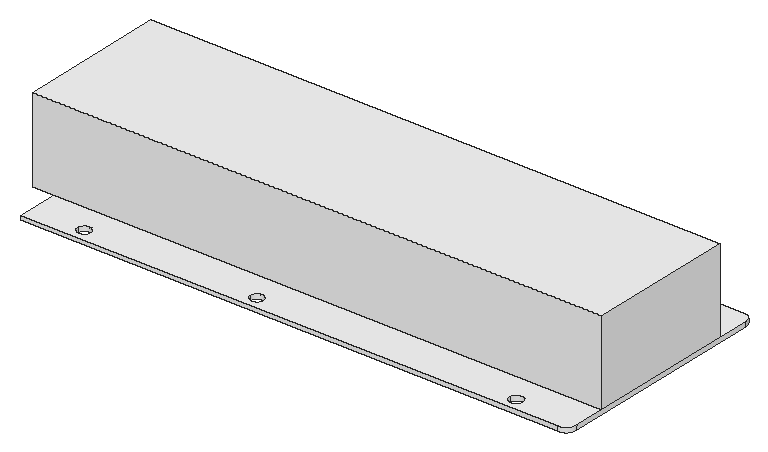
Revit family "KingswayGroup_CntrlldDrClsrs_ConcealedDoubleActionTransomCloser", category Specialty Equipment, Revit 2020
Family settings
  Round Connector Dimension = Use Diameter
  Part Type = Normal
  Work Plane-Based = No
  Always vertical = No
  Cut with Voids When Loaded = No
  Shared = No
  Room Calculation Point = No
Parameters
  WarrantyStartDate [instance] = "1900-12-31T23:59:59"
  WarrantyGuarantorParts = "sales@kingswaygroup.co.uk"
  WarrantyGuarantorLabor = "n/a"
  WarrantyDurationUnit = "year"
  WarrantyDurationParts = "5"
  WarrantyDurationLabor = "n/a"
  WarrantyDescription = "5-Year Guarantee *For faulty manufacture and not for damage"
  Version = "1"
  Uniclass2015Version = "Products v1.36"
  Uniclass2015Title = "Controlled door closers"
  Uniclass2015Code = "Pr_30_36_59_15"
  URL = "https://kingswaygroupglobal.com/"
  TagNumber [instance] = "n/a"
  SustainabilityPerformance = "n/a"
  Size = "270 x 42 x 110 mm"
  Shape = "n/a"
  SerialNumber [instance] = "n/a"
  Revision = "n/a"
  ReplacementCost = "n/a"
  ProductInformation = "https://kingswaygroupglobal.com/product/double-action-transom-closer?noredirect=true"
  NominalWidth = 110 mm  # constant formula
  NominalLength = 270 mm  # constant formula
  NominalHeight = 42 mm  # constant formula
  Name = "ControlledDoorClosers_ConcealedDouble-ActionTransomCloser_KG35_KingswayGroup"
  ModelReference = "Concealed Double-Action Transom Closer"
  ModelNumber = "KG35"
  PlateMaterial = NBS_Concept
  Model = ModelNumber  # "KG35"
  Material = "Stainless Steel"
  ManufacturerURL = "https://kingswaygroupglobal.com/"
  ManufacturerName = "Kingsway Group"  # constant formula
  Manufacturer = ManufacturerName  # "Kingsway Group"
  InstallationDate [instance] = "1900-12-31T23:59:59"
  IfcExportType = "USERDEFINED"  # constant formula
  IfcExportAs = "IfcDiscreteAccessoryType"  # constant formula
  Grade = "n/a"
  Finish = "For full range of available finishes and colours, contact Kingsway Group"
  Features = "Concealed within the frame header, the KG35 Closer allows doors to open in both directions and automatically returns them to the closed position"
  ExpectedLife = "n/a"
  DurationUnit = "year"
  Description = "Double Action Transom Closer"
  Default Elevation = 0 mm
  Constituents = "n/a"
  Color = "For full range of available finishes and colours, contact Kingsway Group"
  CodePerformance = "n/a"
  Category = "Pr_30_36_59_15:Controlled door closers"
  BarCode [instance] = "n/a"
  BIMObjectName = "KingswayGroup_ControlledDoorClosers_ConcealedDouble-ActionTransomCloser"
  Author = "Kingsway Group"  # constant formula
  AssetType = "Fixed"
  AssetIdentifier [instance] = "n/a"
  AccessibilityPerformance = "n/a"
Reference planes
  plane 1 "Center (Front/Back)": y = 0
  plane 2: z = 0
  plane 3 "Center (Left/Right)": x = 0
  plane 4: z = 2
  plane 5: z = 42
  plane 6: z = -15
Forms (mm)
  Extrusion 1, solid, material "NBS_Concept" <- "PlateMaterial"
    sketch origin (0, 0, 0) x (1, 0, 0) y (0, 1, 0)
      loop
        line (-127.5, 55.001) -> (-127.5, -54.999) -> (127.508, -54.999)
        arc (127.508, -54.999) -> (131.038, -53.537) -> (132.5, -50.007) r 4.992
        line (132.5, -50.007) -> (132.5, 50.001)
        arc (132.5, 50.001) -> (131.035, 53.536) -> (127.5, 55.001) r 5
        line (127.5, 55.001) -> (-127.5, 55.001)
      loop
        circle (-102.001, 49.001) r 3.2
      loop
        circle (-20.001, 49.001) r 3.2
      loop
        circle (102.998, 49.001) r 3.2
      loop
        circle (102.998, -48.999) r 3.2
      loop
        circle (-20.001, -48.999) r 3.2
      loop
        circle (-102.001, -48.999) r 3.2
    from 0 to 2
  Extrusion 2, solid, material "NBS_Concept" <- "PlateMaterial"
    sketch origin (0, 0, 0) x (1, 0, 0) y (0, 1, 0)
      loop
        line (-137.499, 35) -> (-137.499, -35) -> (132.5, -35) -> (132.5, 35) -> (-137.499, 35)
    from 2 to 42
  Extrusion 3, solid, material "NBS_Concept" <- "PlateMaterial"
    sketch origin (0, 0, 0) x (1, 0, 0) y (0, 1, 0)
      loop
        line (-94.5, 7) -> (-94.5, -7) -> (-80.498, -7) -> (-80.498, 7) -> (-94.5, 7)
    from -15 to 0
  Extrusion 4, void
    sketch origin (0, 0, 0) x (1, 0, 0) y (0, 1, 0)
      loop
        circle (-87.499, 0) r 17.5
      loop
        circle (-87.499, 0) r 12.499
    from 0 to 2
Cuts and joins
  Extrusion 4 cuts Extrusion 1
  Extrusion 4 cuts Extrusion 2
Dimensions and locks
  plane 4 to level = 2 mm
  aligned and locked: level to plane 2
  aligned and locked: Extrusion 1 to plane 4
  aligned and locked: Extrusion 2 to plane 4
  aligned and locked: Extrusion 3 to plane 6
  aligned and locked: plane 4 to Extrusion 4
